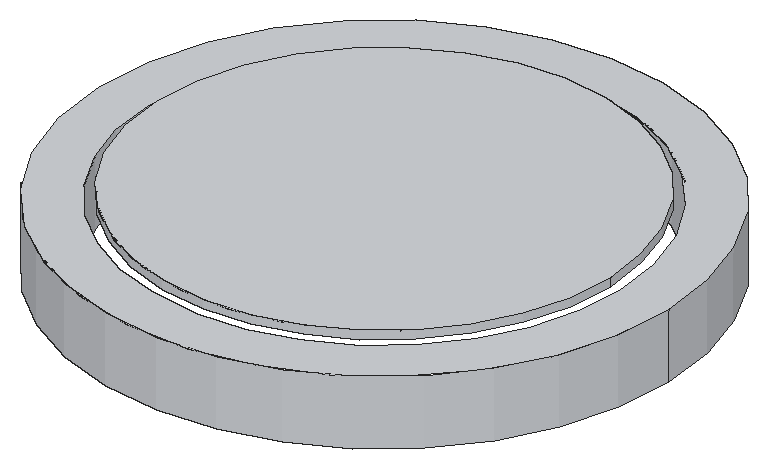
Revit family "Trampoline-SandPit", category Generic Models, Revit 2025
Family settings
  Can host rebar = No
  Round Connector Dimension = Use Diameter
  Part Type = Normal
  Work Plane-Based = No
  Always vertical = Yes
  Cut with Voids When Loaded = No
  Maintain Annotation Orientation = No
  Shared = No
  Room Calculation Point = No
Parameters
  Total_Radius = 1750 mm
  Show_Net = no
  Sand = none
  Pad_Width = 300 mm
  Net_Height = 2100 mm
  Jump_Radius = Total_Radius - Pad_Width  # 1450 mm
  Elastic = none
  Default Elevation = 0 mm
  Bedding_Top = Base_Height + Bedding  # 450 mm
  Bedding = 50 mm
  Base_Height = 400 mm
Reference planes
  plane 1 "Center (Front/Back)": y = 0
  plane 2: z = 0
  plane 3 "Center (Left/Right)": x = 0
  plane 4: z = 2500
Forms (mm)
  Extrusion 1, solid
    sketch origin (0, 0, 0) x (1, 0, 0) y (0, 1, 0)
      loop
        circle (0, 0) r 1750
      loop
        circle (0, 0) r 1450
    from 0 to 400 <- "Base_Height"
  Extrusion 2, solid, visible <- "Show_Net"
    sketch origin (0, 0, 0) x (1, 0, 0) y (0, 1, 0)
      loop
        circle (0, 0) r 1450
      loop
        circle (0, 0) r 1390
    from 400 <- "Base_Height" to 2100 <- "Net_Height"
  Extrusion 3, solid, material <- "Elastic"
    sketch origin (0, 0, 0) x (1, 0, 0) y (0, 1, 0)
      loop
        circle (0, 0) r 1390
    from 400 <- "Base_Height" to 450 <- "Bedding_Top"
Dimensions and locks
  plane 4 to Extrusion 1 = 2100 mm
  "Total_Radius": radius of Extrusion 1 sketch curve
  "Jump_Radius": radius of Extrusion 1 sketch curve
  aligned and locked: level to plane 2
  aligned and locked: plane 3 "Center (Left/Right)" to Extrusion 1 sketch curve  (x2)
  aligned and locked: plane 1 "Center (Front/Back)" to Extrusion 1 sketch curve  (x2)
Automatic sketch dimensions
  Extrusion 2 sketch curve to Extrusion 2 sketch curve = 0 mm  (x2)
  plane 1 "Center (Front/Back)" to Extrusion 2 sketch curve = 0 mm
  Extrusion 2 sketch curve to plane 3 "Center (Left/Right)" = 0 mm
  plane 1 "Center (Front/Back)" to Extrusion 3 sketch curve = 0 mm
  Extrusion 3 sketch curve to plane 3 "Center (Left/Right)" = 0 mm
  radius of Extrusion 2 sketch curve = 1450 mm
  radius of Extrusion 2 sketch curve = 1390 mm
  radius of Extrusion 3 sketch curve = 1390 mm
